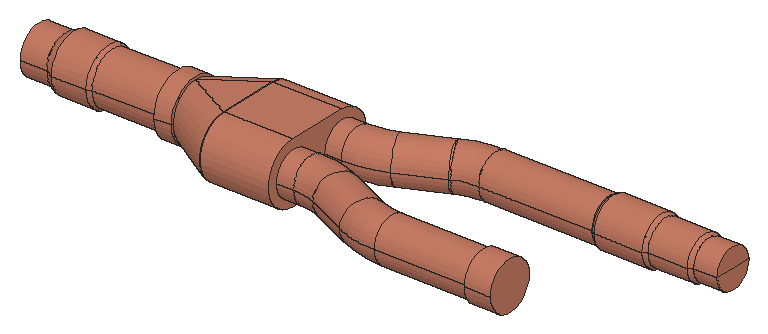
Revit family "Y_Branch-JCI-Cu_ACR-FxFxF-Heat_Recovery-21SX", category Pipe Fittings, Revit 2014
Parameters (values of type "Standard")
  Weight [instance] = 0.00 lbf
  URL = "http://www.johnsoncontrols.com/"
  Type Comments = "For use with copper ACR pipework"
  Tick Size 2 [instance] = Fitting Outside Diameter 2 * 0.4  # 1/2"
  Tick Size 1 [instance] = Fitting Outside Diameter 1 * 0.4  # 0.55"
  Socket Outside Radius 3 [instance] = Fitting Outside Radius 3 + 1" / 16  # 9/16"
  Socket Outside Radius 2 [instance] = Fitting Outside Radius 2 + 1/16"  # 11/16"
  Socket Outside Radius 1 [instance] = Fitting Outside Radius 1 + 1" / 16  # 3/4"
  Reducer 1 Length = 2"
  Pipe Radius 3 [instance] = Socket Outside Radius 3 + 1" / 8  # 11/16"
  Pipe Radius 2 [instance] = if(Nominal Diameter 1 > 1", Fitting Outside Radius 1 + 1" / 16, Fitting Outside Radius 1 + 1" / 8)  # 3/4"
  Pipe Radius 1 [instance] = if(Nominal Diameter 1 > 1", Fitting Outside Radius 1 + 1" / 8, Fitting Outside Radius 1 + 1" / 16)  # 13/16"
  Nominal Radius 3 [instance] = 7/16"
  Nominal Radius 2 [instance] = 9/16"
  Nominal Radius 1 [instance] = 5/8"
  Nominal Diameter 3 [instance] = Nominal Radius 3 * 2  # 7/8"
  Nominal Diameter 2 [instance] = Nominal Radius 2 * 2  # 1 1/8"
  Nominal Diameter 1 [instance] = Nominal Radius 1 * 2  # 1 1/4"
  Model = "21SX Low Pressure"
  Manufacturer = "Johnson Controls International"
  Manifold Length = 4"
  Loss Method = K Coefficient from Table
  Lookup Table Name = "Y_Branch-JCI-Cu_ACR-FxFxF-Heat_Recovery-21SX"
  Length 5 [instance] = Length 4 / tan(Angle 1)  # 2.14451"
  Length 4 [instance] = 1"
  Length 3 [instance] = Center Radius * tan(Angle 1 / 2)  # 0.49881"
  Length 2 [instance] = Manifold Length  # 4"
  Length 1 [instance] = Pipe Radius 2 + 1" / 8  # 7/8"
  Fitting Outside Radius 3 [instance] = Fitting Outside Diameter 3 / 2  # 1/2"
  Fitting Outside Diameter 3 [instance] = Nominal Diameter 3 + 1/8"  # 1"
  End to End 2 [instance] = size_lookup(Lookup Table Name, "EtE2", 24", Nominal Diameter 1, Nominal Diameter 2, Nominal Diameter 3)  # 15.03937"
  End to End 1 [instance] = size_lookup(Lookup Table Name, "EtE1", 27", Nominal Diameter 1, Nominal Diameter 2, Nominal Diameter 3)  # 18.46457"
  K Coefficient Table = "Converging/Diverging Tee/Wye"
  built-in parameter 1114238 [instance] = (empty or 0)
  Fitting Outside Radius 2 [instance] = Fitting Outside Diameter 2 / 2  # 5/8"
  Fitting Outside Radius 1 [instance] = Fitting Outside Diameter 1 / 2  # 11/16"
  Fitting Outside Diameter 2 [instance] = Nominal Diameter 2 + 1/8"  # 1 1/4"
  Fitting Outside Diameter 1 [instance] = Nominal Diameter 1 + 1/8"  # 1 3/8"
  Description = "Y Branch"
  Copyright © = "Copyright © 2001-2017 Johnson Controls"  # constant formula
  Center Radius [instance] = Nominal Diameter 2 * 2  # 2 1/4"
  Branch Center to Center [instance] = size_lookup(Lookup Table Name, "BCtC", 3 1/2", Nominal Diameter 1, Nominal Diameter 2, Nominal Diameter 3)  # 3.74016"
  Body Material = Metal - JCI - Copper
  Assembly Code = "D2090800"
  Angle 1 [instance] = 25.00°  # constant formula
Reference planes (in)
  plane 1 "Center (Front/Back)": y = 0
  plane 2 "CC": z = 0
  plane 3 "Center (Left/Right)": x = 0
  plane 4: x = 18.46457
  plane 5: x = 15.03937
  plane 6: x = 2
  plane 7: x = 1
  plane 8: x = 4
  plane 9: x = 4.5
  plane 10: x = 8
  plane 11: x = 6
  plane 12: y = 1.87008
  plane 13: y = -1.87008
  plane 14: x = 11.64213
  plane 15: x = 0.75
  plane 16: y = 0.87008
  plane 17: y = -0.87008
  plane 18: x = 8.5
  plane 19: y = -0.37992
  plane 20: y = 3.12008
  plane 21: x = 8.99881
  plane 22: x = 11.14332
  plane 23: y = 0.37992
  plane 24: y = -3.12008
  plane 25: x = 14.28937
  plane 26: x = 17.77953
  plane 27: x = 16.40945
  plane 28: y = -0.37992
  plane 29: y = 3.12008
  plane 30: y = 0.37992
  plane 31: y = -3.12008
  plane 32: x = 15.72441
  plane 33: x = 17.09449
  plane 34: x = 14.91437
Forms (in)
  Revolve 1, solid, material "Metal - JCI - Copper" <- "Body Material", detail levels fine
    sketch origin (0, 0, 0) x (0, -1, 0) y (1, 0, 0)
      loop
        line (-0.6875, 0) -> (0, 0) -> (0, 4.5) -> (-0.875, 4.5) -> (-0.875, 4) -> (-0.75, 4) -> (-0.75, 2.10825) -> (-0.8125, 2) -> (-0.8125, 1) -> (-0.6875, 0.75) -> (-0.6875, 0)
      axis (0, 0) -> (0, 4.5)
    angle from 0 to 360
  Blend 2, solid, material "Metal - JCI - Copper" <- "Body Material", detail levels fine
    base sketch origin (0, 0, 0) x (0, 1, 0) y (0, 0, 1)
      loop
        arc (-0.01563, 0.8125) -> (-0.82813, 0) -> (-0.01563, -0.8125) r 0.8125
        line (-0.01563, -0.8125) -> (0.01562, -0.8125)
        arc (0.01562, -0.8125) -> (0.82812, 0) -> (0.01562, 0.8125) r 0.8125
        line (0.01562, 0.8125) -> (-0.01563, 0.8125)
    top sketch origin (0, 0, 0) x (0, 1, 0) y (0, 0, 1)
      loop
        arc (0.87008, -0.875) -> (1.74508, 0) -> (0.87008, 0.875) r 0.875
        line (0.87008, 0.875) -> (-0.87008, 0.875)
        arc (-0.87008, 0.875) -> (-1.74508, 0) -> (-0.87008, -0.875) r 0.875
        line (-0.87008, -0.875) -> (0.87008, -0.875)
    from 4.5 to 6
  Extrusion 3, solid, material "Metal - JCI - Copper" <- "Body Material", detail levels fine
    sketch origin (0, 0, 0) x (0, 1, 0) y (0, 0, 1)
      loop
        arc (0.87008, -0.875) -> (1.74508, 0) -> (0.87008, 0.875) r 0.875
        line (0.87008, 0.875) -> (-0.87008, 0.875)
        arc (-0.87008, 0.875) -> (-1.74508, 0) -> (-0.87008, -0.875) r 0.875
        line (-0.87008, -0.875) -> (0.87008, -0.875)
    from 6 to 8
  Sweep 4, solid, material "Metal - JCI - Copper" <- "Body Material", detail levels fine
    path origin (0, 0, 0) x (1, 0, 0) y (0, 1, 0)
      loop
        line (8, 0.87008) -> (8.5, 0.87008)
        arc (8.5, 0.87008) -> (8.98699, 0.92341) -> (9.45089, 1.08089) r 2.25
        line (9.45089, 1.08089) -> (10.6596, 1.64452) -> (10.69124, 1.65927)
        arc (10.69124, 1.65927) -> (11.15514, 1.81674) -> (11.64213, 1.87008) r 2.25
        line (11.64213, 1.87008) -> (14.91437, 1.87008)
    profile origin (8.5, 0.87008, 0) x (0, 1, 0) y (0, 0, 1)
      loop
        circle (0, 0) r 0.625
  Sweep 5, solid, material "Metal - JCI - Copper" <- "Body Material", detail levels fine
    path origin (0, 0, 0) x (1, 0, 0) y (0, 1, 0)
      loop
        line (14.28937, -1.87008) -> (11.64213, -1.87008)
        arc (11.64213, -1.87008) -> (11.15514, -1.81674) -> (10.69124, -1.65927) r 2.25
        line (10.69124, -1.65927) -> (9.45089, -1.08089)
        arc (9.45089, -1.08089) -> (8.98699, -0.92341) -> (8.5, -0.87008) r 2.25
        line (8.5, -0.87008) -> (8, -0.87008)
    profile origin (14.28937, -1.87008, 0) x (0, -1, 0) y (0, 0, 1)
      loop
        circle (0, 0) r 0.625
  Revolve 6, solid, material "Metal - JCI - Copper" <- "Body Material", detail levels fine
    sketch origin (0, 0, 0) x (1, 0, 0) y (0, 1, 0)
      loop
        line (14.91437, 1.87008) -> (18.46457, 1.87008) -> (18.46457, 2.43258) -> (17.77953, 2.43258) -> (17.67127, 2.49508) -> (16.5177, 2.49508) -> (16.40945, 2.55758) -> (15.03937, 2.55758) -> (14.91437, 2.49508) -> (14.91437, 1.87008)
      axis (14.91437, 1.87008) -> (18.46457, 1.87008)
    angle from 0 to 360
  Extrusion 7, solid, material "Metal - JCI - Copper" <- "Body Material", detail levels fine
    sketch origin (0, 0, 0) x (0, 1, 0) y (0, 0, 1)
      loop
        circle (-1.87008, 0) r 0.6875
    from 14.28937 to 15.03937
Lines and regions (in)
  model lines, detail levels coarse+medium
    curve 1: line (0, 0.55, 0) -> (0, -0.55, 0)
    curve 7: arc (8.5, 0.87008, 0) -> (8.98699, 0.92341, 0) -> (9.45089, 1.08089, 0) r 2.25
    curve 8: arc (11.64213, 1.87008, 0) -> (11.15514, 1.81674, 0) -> (10.69124, 1.65927, 0) r 2.25
    curve 9: line (9.45089, 1.08089, 0) -> (10.69124, 1.65927, 0)
    curve 10: line (18.46457, 2.42008, 0) -> (18.46457, 1.32008, 0)
    curve 11: line (15.03937, -1.32008, 0) -> (15.03937, -2.42008, 0)
    curve 13: arc (8.5, -0.87008, 0) -> (8.98699, -0.92341, 0) -> (9.45089, -1.08089, 0) r 2.25
    curve 14: arc (11.64213, -1.87008, 0) -> (11.15514, -1.81674, 0) -> (10.69124, -1.65927, 0) r 2.25
    curve 15: line (9.45089, -1.08089, 0) -> (10.69124, -1.65927, 0)
  model lines, style "PipeFitting", detail levels coarse+medium
    curve 2: line (8.5, 0.87008, 0) -> (6, 0.87008, 0)
    curve 3: line (11.64213, 1.87008, 0) -> (18.46457, 1.87008, 0)
    curve 4: line (6, 0.87008, 0) -> (6, -0.87008, 0)
    curve 5: line (6, -0.87008, 0) -> (8.5, -0.87008, 0)
    curve 6: line (0, 0, 0) -> (6, 0, 0)
    curve 12: line (11.64213, -1.87008, 0) -> (15.03937, -1.87008, 0)
  model lines, style "PipeFittingCenterLine", detail levels fine
    curve 16: line (8.5, 0.87008, 0) -> (6, 0.87008, 0)
    curve 17: line (11.64213, 1.87008, 0) -> (18.46457, 1.87008, 0)
    curve 18: line (6, 0.87008, 0) -> (6, -0.87008, 0)
    curve 19: line (6, -0.87008, 0) -> (8.5, -0.87008, 0)
    curve 20: line (0, 0, 0) -> (6, 0, 0)
    curve 21: arc (8.5, 0.87008, 0) -> (8.98699, 0.92341, 0) -> (9.45089, 1.08089, 0) r 2.25
    curve 22: arc (11.64213, 1.87008, 0) -> (11.15514, 1.81674, 0) -> (10.69124, 1.65927, 0) r 2.25
    curve 23: line (9.45089, 1.08089, 0) -> (10.69124, 1.65927, 0)
    curve 24: line (11.64213, -1.87008, 0) -> (15.03937, -1.87008, 0)
    curve 25: arc (8.5, -0.87008, 0) -> (8.98699, -0.92341, 0) -> (9.45089, -1.08089, 0) r 2.25
    curve 26: arc (11.64213, -1.87008, 0) -> (11.15514, -1.81674, 0) -> (10.69124, -1.65927, 0) r 2.25
    curve 27: line (9.45089, -1.08089, 0) -> (10.69124, -1.65927, 0)
Dimensions and locks (in)
  "End to End 1": plane 3 "Center (Left/Right)" to plane 4
  "End to End 2": plane 3 "Center (Left/Right)" to plane 5
  "Reducer 1 Length": plane 3 "Center (Left/Right)" to plane 6
  locked: plane 8 to plane 9 at 0.5
  "Manifold Length": plane 8 to plane 10
  equal spacing: plane 8, plane 11, plane 10
  equal spacing: plane 12, plane 1 "Center (Front/Back)", plane 13
  "Branch Center to Center": plane 12 to plane 13
  equal spacing: plane 3 "Center (Left/Right)", plane 7, plane 6
  "Fitting Outside Radius 1": Revolve 1 sketch curve to Revolve 1 sketch curve
  "Length 1": Revolve 1 sketch curve to Revolve 1 sketch curve
  "Length 4": plane 12 to plane 16
  "Length 4": plane 17 to plane 13
  locked: plane 1 "Center (Front/Back)" to Blend 2 sketch curve at 0.01562
  locked: Blend 2 sketch curve to plane 1 "Center (Front/Back)" at 0.01562
  locked: plane 10 to plane 18 at 0.5
  "Center Radius": plane 12 to plane 19
  "Center Radius": plane 20 to plane 16
  "Length 5": plane 21 to plane 22
  "Length 3": plane 18 to plane 21
  "Length 3": plane 22 to plane 14
  "Center Radius": plane 17 to plane 24
  "Center Radius": plane 23 to plane 13
  plane 25 to plane 5 = 3/4"
  equal spacing: plane 5, plane 32, plane 27, plane 33, plane 26, plane 4
  equal spacing: Revolve 6 sketch curve, Revolve 6 sketch curve, Revolve 6 sketch curve
  "Socket Outside Radius 3": Revolve 6 sketch curve to Revolve 6 sketch curve
  "Pipe Radius 3": Revolve 6 sketch curve to Revolve 6 sketch curve
  "Center Radius": plane 29 to plane 16
  "Center Radius": plane 12 to plane 28
  equal spacing: curve 11, plane 13, curve 11
  equal spacing: curve 10, plane 12, curve 10
  "Tick Size 1": curve 10 to plane 12
  "Tick Size 1": curve 11 to plane 13
  "Center Radius": plane 31 to plane 17
  "Center Radius": plane 13 to plane 30
  equal spacing: curve 1, plane 1 "Center (Front/Back)", curve 1
  "Tick Size 1": plane 1 "Center (Front/Back)" to curve 1
  "Pipe Radius 1": Revolve 1 sketch curve to Revolve 1 sketch curve
  "Pipe Radius 2": Revolve 1 sketch curve to Revolve 1 sketch curve
  locked: plane 15 to plane 7 at 0.25
  locked: plane 34 to plane 5 at 0.125
  "Fitting Outside Radius 2": Revolve 6 sketch curve to Revolve 6 sketch curve
  "Length 2": plane 3 "Center (Left/Right)" to plane 8
  "Length 1": radius of Blend 2 sketch curve  (x2)
  "Length 1": radius of Extrusion 3 sketch curve  (x2)
  "Center Radius": radius of Sweep 4 sketch curve
  "Fitting Outside Radius 2": radius of Sweep 4 sketch curve
  "Fitting Outside Radius 2": radius of Sweep 5 sketch curve
  "Center Radius": radius of Sweep 5 sketch curve  (x2)
  "Socket Outside Radius 2": radius of Extrusion 7 sketch curve
  "Center Radius": radius of curve 7
  "Center Radius": radius of curve 8
  "Pipe Radius 1": radius of Blend 2 sketch curve  (x2)
  "Angle 1": angle Sweep 4 sketch curve to Sweep 4 sketch curve  (x2)
  "Angle 1": angle plane 16 to Sweep 4 sketch curve
  "Angle 1": angle Sweep 5 sketch curve to Sweep 5 sketch curve  (x2)
  locked: Revolve 6 sketch curve to Revolve 6 sketch curve (angle 150.00°)  (x2)
  "Angle 1": angle curve 8 to curve 8
  "Angle 1": angle curve 7 to curve 7
  "Angle 1": angle curve 14 to curve 14
  "Angle 1": angle curve 13 to curve 13
  "Angle 1": angle curve 22 to curve 22
  "Angle 1": angle curve 21 to curve 21
  "Angle 1": angle curve 26 to curve 26
  "Angle 1": angle curve 25 to curve 25
  aligned and locked: plane 2 "CC" to level
  aligned and locked: plane 1 "Center (Front/Back)" to Revolve 1 sketch curve
  aligned and locked: Revolve 1 sketch curve to Revolve 1 sketch curve
  aligned and locked: plane 15 to Revolve 1 sketch curve
  aligned and locked: Revolve 1 sketch curve to plane 3 "Center (Left/Right)"
  aligned and locked: plane 6 to Revolve 1 sketch curve
  aligned and locked: plane 7 to Revolve 1 sketch curve
  aligned and locked: plane 9 to Revolve 1 sketch curve
  aligned and locked: Revolve 1 sketch curve to plane 8
  aligned and locked: level to Blend 2 sketch curve  (x3)
  aligned and locked: plane 11 to Blend 2
  aligned and locked: Blend 2 to plane 9
  aligned and locked: plane 16 to Blend 2 sketch curve
  aligned and locked: plane 17 to Blend 2 sketch curve
  aligned and locked: plane 16 to Extrusion 3 sketch curve
  aligned and locked: level to Extrusion 3 sketch curve  (x2)
  aligned and locked: plane 17 to Extrusion 3 sketch curve
  aligned and locked: Extrusion 3 to plane 11
  aligned and locked: plane 10 to Extrusion 3
  aligned and locked: plane 14 to curve 3
  aligned and locked: plane 18 to curve 2
  aligned and locked: plane 18 to Sweep 4 sketch curve  (x2)
  aligned and locked: plane 20 to Sweep 4 sketch curve
  aligned and locked: plane 12 to Sweep 4 sketch curve
  aligned and locked: plane 14 to Sweep 4 sketch curve  (x2)
  aligned and locked: plane 19 to Sweep 4 sketch curve
  aligned and locked: profile plane to Sweep 4 sketch curve  (x2)
  aligned and locked: profile plane to Sweep 5 sketch curve  (x2)
  aligned and locked: plane 13 to Sweep 5 sketch curve
  aligned and locked: plane 14 to Sweep 5 sketch curve  (x2)
  aligned and locked: plane 10 to Sweep 5 sketch curve
  aligned and locked: plane 18 to Sweep 5 sketch curve  (x2)
  aligned and locked: Sweep 5 sketch curve to plane 17
  aligned and locked: plane 23 to Sweep 5 sketch curve
  aligned and locked: plane 24 to Sweep 5 sketch curve
  aligned and locked: Revolve 6 sketch curve to plane 12
  aligned and locked: Revolve 6 sketch curve to Revolve 6 sketch curve
  aligned and locked: plane 4 to Revolve 6 sketch curve
  aligned and locked: plane 26 to Revolve 6 sketch curve
  aligned and locked: plane 27 to Revolve 6 sketch curve
  aligned and locked: plane 13 to Extrusion 7 sketch curve
  aligned and locked: level to Extrusion 7 sketch curve
  aligned and locked: curve 5 to plane 17
  aligned and locked: curve 4 to plane 11
  aligned and locked: plane 18 to curve 5
  aligned and locked: plane 1 "Center (Front/Back)" to curve 6
  aligned and locked: plane 3 "Center (Left/Right)" to curve 6
  aligned and locked: plane 11 to curve 6
  aligned and locked: plane 29 to curve 7
  aligned and locked: plane 18 to curve 7
  aligned and locked: plane 14 to curve 8
  aligned and locked: plane 28 to curve 8
  aligned and locked: curve 10 to plane 4
  aligned and locked: plane 4 to curve 3
  aligned and locked: plane 31 to curve 13
  aligned and locked: plane 30 to curve 14
  aligned and locked: curve 12 to plane 13
  aligned and locked: plane 18 to curve 13
  aligned and locked: curve 1 to plane 3 "Center (Left/Right)"
  aligned and locked: Revolve 6 sketch curve to plane 34
  aligned and locked: plane 34 to Sweep 4 sketch curve
  aligned and locked: plane 25 to Sweep 5 sketch curve
  aligned and locked: Extrusion 7 to plane 25
  aligned and locked: plane 5 to Extrusion 7
  aligned and locked: curve 11 to plane 5
Automatic sketch dimensions
  Extrusion 3 sketch curve to plane 16 = 0"
  Sweep 4 sketch curve to plane 10 = 0"
  Sweep 4 sketch curve to plane 12 = 0.22556"
  Revolve 6 sketch curve to plane 5 = 0"
  Revolve 6 sketch curve to plane 8 = 1.08667"
  Revolve 6 sketch curve to Revolve 6 sketch curve = 7.19833"
  Blend 2 sketch curve to level = 0"
  Revolve 1 sketch curve to Revolve 1 sketch curve = 7.8188"
  plane 6 to Revolve 1 sketch curve = 0.10825"
  plane 4 to Revolve 1 sketch curve = 4.2162"
  curve 14 to plane 14 = 0"
  plane 1 "Center (Front/Back)" to curve 20 = 0"
Connectors (in)
  piping at (0, 0, 0), diameter 1.25, driven by "Nominal Radius 1"
    settings: on Revolve 1, index 1, connector inside diameter 24", connector length 0", flow factor 0, pipe flow 0 GPM, pressure drop 0.00 psi, fitting loss kfactor 0, connector angle 0.00°, fixture units 0, engagement length 0", angle of deflection 0.00°, flow configuration 0, flow direction 0, fitting loss method 0, system type 28, joint type 0, gender type 0, connector reference index -1, connector utility 0, adjustable connector no, is connector primary yes, connector description ""
  piping at (15.03937, -1.87008, 0), diameter 1.125, driven by "Nominal Radius 2"
    settings: on Extrusion 7, index 2, connector inside diameter 24", connector length 0", flow factor 0, pipe flow 0 GPM, pressure drop 0.00 psi, fitting loss kfactor 0, connector angle 0.00°, fixture units 0, engagement length 0", angle of deflection 0.00°, flow configuration 0, flow direction 0, fitting loss method 0, system type 28, joint type 0, gender type 0, connector reference index -1, connector utility 0, adjustable connector no, is connector primary no, connector description ""
  piping at (18.46457, 1.87008, 0), diameter 0.875, driven by "Nominal Radius 3"
    settings: on Revolve 6, index 3, connector inside diameter 24", connector length 0", flow factor 0, pipe flow 0 GPM, pressure drop 0.00 psi, fitting loss kfactor 0, connector angle 0.00°, fixture units 0, engagement length 0", angle of deflection 0.00°, flow configuration 0, flow direction 0, fitting loss method 0, system type 28, joint type 0, gender type 0, connector reference index -1, connector utility 0, adjustable connector no, is connector primary no, connector description ""
